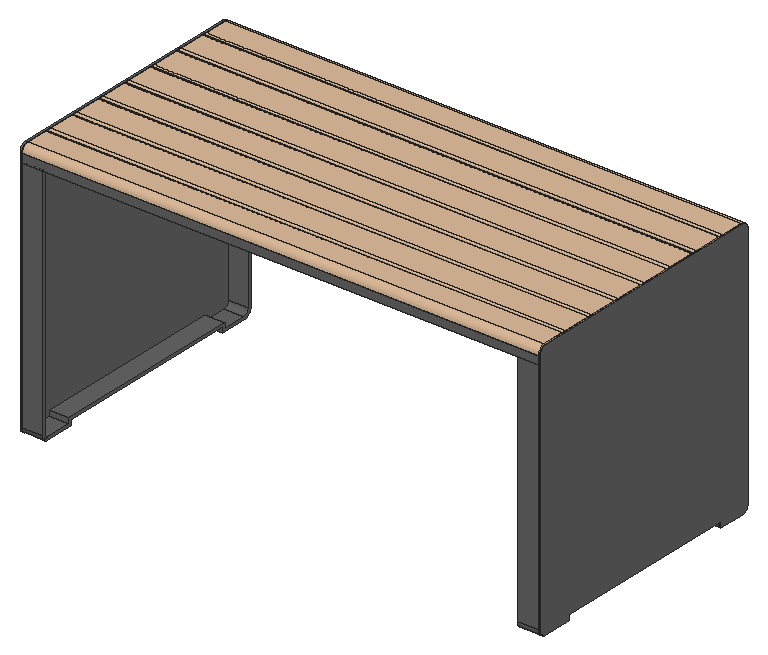
Revit family "1112-S-L", category Meble, Revit 2021
Family settings
  Numer OmniClass = 23.40.20.00
  Tytuł OmniClass = General Furniture and Specialties
  Oparty na płaszczyźnie roboczej = Nie
  Zawsze pionowo = Tak
  Tnij formami wycięć po wczytaniu = Nie
  Współdzielony = Nie
  Punkt obliczania pomieszczeń = Nie
Parameters (values of type "1112-S-L")
  wood = Mobilis Design Wood - Larch
  metal = Mobilis Design RAL 9004
  Width = "75 cm"
  Weight = "75 kg"
  URL = ""
  Product line = "Centaurus"
  Product Groups = ""
  Manufacturer = ""
  Keynote = ""
  Description = ""
  Model = "1112-S-L"
  Material = ""
  Maintenance = ""
  Lenght = "150 cm"
  Type Comments = ""
  Mobilis Design Materials = ""
  Hosted on = ""
  Height = "75 cm"
  Domyślna rzędna = 0 mm
  Copyright = "All designs and drawings are the common intellectual property of Lars Laj A/S and Tress and are protected by Danish and international copyright laws."
Reference planes
  plane 1 "front": y = 0
  plane 2: z = 0
  plane 3 "Środek (Lewa/Prawa)": x = 0
  plane 4 "left": x = -745.625
  plane 5 "right": x = 745.938
  plane 6: x = -685.625
  plane 7: x = 685.937
Forms (mm)
  Extrusion 1, solid, material "Mobilis Design Wood - Larch" <- "wood"
    sketch origin (0, -426.765, 319.828) x (0, 1, 0) y (0, 0, 1)
      loop
        arc (244.222, 429.703) -> (240.686, 428.239) -> (239.222, 424.703) r 5
        line (239.222, 424.703) -> (239.222, 388.972)
        arc (239.222, 388.972) -> (239.796, 387.586) -> (241.182, 387.012) r 1.96
        line (241.182, 387.012) -> (327.222, 387.012)
        arc (327.222, 387.012) -> (328.636, 387.598) -> (329.222, 389.012) r 2
        line (329.222, 389.012) -> (329.222, 424.703)
        arc (329.222, 424.703) -> (327.757, 428.239) -> (324.222, 429.703) r 5
        line (324.222, 429.703) -> (244.222, 429.703)
    from -745.625 to 745.937
  Extrusion 2, solid, material "Mobilis Design Wood - Larch" <- "wood"
    sketch origin (0, -529.215, 319.828) x (0, 1, 0) y (0, 0, 1)
      loop
        arc (252.671, 429.703) -> (249.136, 428.239) -> (247.671, 424.703) r 5
        line (247.671, 424.703) -> (247.671, 388.972)
        arc (247.671, 388.972) -> (248.245, 387.586) -> (249.631, 387.012) r 1.96
        line (249.631, 387.012) -> (335.671, 387.012)
        arc (335.671, 387.012) -> (337.085, 387.598) -> (337.671, 389.012) r 2
        line (337.671, 389.012) -> (337.671, 424.703)
        arc (337.671, 424.703) -> (336.207, 428.239) -> (332.671, 429.703) r 5
        line (332.671, 429.703) -> (252.671, 429.703)
    from -745.625 to 745.937
  Extrusion 3, solid, material "Mobilis Design Wood - Larch" <- "wood"
    sketch origin (0, -631.402, 319.828) x (0, 1, 0) y (0, 0, 1)
      loop
        arc (275.801, 429.704) -> (261.616, 423.828) -> (255.74, 409.642) r 20.061
        line (255.74, 409.642) -> (258.916, 409.642) -> (258.916, 387.013) -> (344.172, 387.013)
        arc (344.172, 387.013) -> (345.585, 387.598) -> (346.171, 389.012) r 1.999
        line (346.171, 389.012) -> (346.171, 424.706)
        arc (346.171, 424.706) -> (344.707, 428.24) -> (341.173, 429.704) r 4.998
        line (341.173, 429.704) -> (275.801, 429.704)
    from -745.625 to 745.937
  Extrusion 4, solid, material "Mobilis Design RAL 9004" <- "metal", not visible
    sketch origin (0, 0, 0) x (0, 1, 0) y (0, 0, 1)
      loop
        arc (71.187, 451.5) -> (57.045, 445.642) -> (51.187, 431.5) r 20
        line (51.187, 431.5) -> (51.187, 18.231)
        arc (51.187, 18.231) -> (56.527, 5.34) -> (69.418, 0) r 18.231
        line (69.418, 0) -> (153.638, 0) -> (153.638, 15) -> (448.638, 15) -> (448.638, 0) -> (527.023, 0)
        arc (527.023, 0) -> (542.307, 6.331) -> (548.638, 21.615) r 21.615
        line (548.638, 21.615) -> (548.638, 429.407)
        arc (548.638, 429.407) -> (542.168, 445.029) -> (526.545, 451.5) r 22.093
        line (526.545, 451.5) -> (71.187, 451.5)
    from 750.378 to 745
  Extrusion 5, solid, material "Mobilis Design RAL 9004" <- "metal", not visible
    sketch origin (0, 0, 0) x (0, 1, 0) y (0, 0, 1)
      loop
        line (548.638, 396.844) -> (629.375, 854.725) -> (601.836, 859.581)
        arc (601.836, 859.581) -> (585.224, 855.898) -> (576.082, 841.547) r 22.232
        line (576.082, 841.547) -> (507.306, 451.5) -> (526.545, 451.5)
        arc (526.545, 451.5) -> (542.168, 445.029) -> (548.638, 429.407) r 22.093
        line (548.638, 429.407) -> (548.638, 396.844)
    from 745 to 750.378
  Extrusion 6, solid, material "Mobilis Design RAL 9004" <- "metal"
    sketch origin (0, -426.65, 0) x (0, -1, 0) y (0, 0, 1)
      loop
        line (-71.187, 749.531) -> (-779.045, 749.531)
        arc (-779.045, 749.531) -> (-794.668, 743.06) -> (-801.138, 727.438) r 22.093
        line (-801.138, 727.438) -> (-801.138, 21.615)
        arc (-801.138, 21.615) -> (-794.807, 6.331) -> (-779.523, 0) r 21.615
        line (-779.523, 0) -> (-701.138, 0) -> (-701.138, 15) -> (-153.638, 15) -> (-153.638, 0) -> (-69.418, 0)
        arc (-69.418, 0) -> (-56.527, 5.34) -> (-51.187, 18.231) r 18.231
        line (-51.187, 18.231) -> (-51.187, 729.531)
        arc (-51.187, 729.531) -> (-57.045, 743.673) -> (-71.187, 749.531) r 20
    from 750.725 to 745.625
  Extrusion 7, solid, material "Mobilis Design RAL 9004" <- "metal"
    sketch origin (0, -426.65, 0) x (0, 1, 0) y (0, 0, 1)
      loop
        line (801.138, 23.296) -> (801.138, 707) -> (51.187, 707) -> (51.187, 18.763)
        arc (51.187, 18.763) -> (56.683, 5.495) -> (69.95, 0) r 18.763
        line (69.95, 0) -> (153.638, 0) -> (153.638, 15) -> (701.138, 15) -> (701.138, 0) -> (777.842, 0)
        arc (777.842, 0) -> (794.315, 6.823) -> (801.138, 23.296) r 23.296
      loop
        line (58.687, 701) -> (58.687, 18.763)
        arc (58.687, 18.763) -> (61.986, 10.799) -> (69.95, 7.5) r 11.263
        line (69.95, 7.5) -> (146.138, 7.5) -> (146.138, 22.5) -> (708.638, 22.5) -> (708.638, 7.5) -> (777.842, 7.5)
        arc (777.842, 7.5) -> (789.012, 12.127) -> (793.638, 23.296) r 15.796
        line (793.638, 23.296) -> (793.638, 701) -> (58.687, 701)
    from -745.625 to -685.625
  Extrusion 8, solid, material "Mobilis Design RAL 9004" <- "metal"
    sketch origin (0, -426.735, 298.368) x (0, 1, 0) y (0, 0, 1)
      loop
        line (53.936, 431.102) -> (51.187, 431.102) -> (51.187, 406.163) -> (74.817, 406.163) -> (74.817, 408.472) -> (53.936, 408.472) -> (53.936, 431.102)
    from -745.625 to 745.937
  Extrusion 9, solid, material "Mobilis Design Wood - Larch" <- "wood"
    sketch origin (0, 631.019, 319.828) x (0, -1, 0) y (0, 0, -1)
      loop
        line (275.801, -429.704) -> (342.815, -429.704)
        arc (342.815, -429.704) -> (346.349, -428.24) -> (347.813, -424.706) r 4.998
        line (347.813, -424.706) -> (347.813, -389.012)
        arc (347.813, -389.012) -> (347.227, -387.598) -> (345.813, -387.013) r 1.999
        line (345.813, -387.013) -> (258.705, -387.013) -> (258.705, -409.642) -> (255.74, -409.642)
        arc (255.74, -409.642) -> (261.616, -423.828) -> (275.801, -429.704) r 20.061
    from -745.625 to 745.938
  Extrusion 10, solid, material "Mobilis Design Wood - Larch" <- "wood"
    sketch origin (0, -238.015, 319.828) x (0, 1, 0) y (0, 0, 1)
      loop
        arc (244.222, 429.703) -> (240.686, 428.239) -> (239.222, 424.703) r 5
        line (239.222, 424.703) -> (239.222, 388.972)
        arc (239.222, 388.972) -> (239.796, 387.586) -> (241.182, 387.012) r 1.96
        line (241.182, 387.012) -> (327.222, 387.012)
        arc (327.222, 387.012) -> (328.636, 387.598) -> (329.222, 389.012) r 2
        line (329.222, 389.012) -> (329.222, 424.703)
        arc (329.222, 424.703) -> (327.757, 428.239) -> (324.222, 429.703) r 5
        line (324.222, 429.703) -> (244.222, 429.703)
    from -745.625 to 745.937
  Extrusion 11, solid, material "Mobilis Design Wood - Larch" <- "wood"
    sketch origin (0, -340.465, 319.828) x (0, 1, 0) y (0, 0, 1)
      loop
        arc (252.671, 429.703) -> (249.136, 428.239) -> (247.671, 424.703) r 5
        line (247.671, 424.703) -> (247.671, 388.972)
        arc (247.671, 388.972) -> (248.245, 387.586) -> (249.631, 387.012) r 1.96
        line (249.631, 387.012) -> (335.671, 387.012)
        arc (335.671, 387.012) -> (337.085, 387.598) -> (337.671, 389.012) r 2
        line (337.671, 389.012) -> (337.671, 424.703)
        arc (337.671, 424.703) -> (336.207, 428.239) -> (332.671, 429.703) r 5
        line (332.671, 429.703) -> (252.671, 429.703)
    from -745.625 to 745.937
  Extrusion 12, solid, material "Mobilis Design Wood - Larch" <- "wood"
    sketch origin (0, -50.015, 319.828) x (0, 1, 0) y (0, 0, 1)
      loop
        arc (244.222, 429.703) -> (240.686, 428.239) -> (239.222, 424.703) r 5
        line (239.222, 424.703) -> (239.222, 388.972)
        arc (239.222, 388.972) -> (239.796, 387.586) -> (241.182, 387.012) r 1.96
        line (241.182, 387.012) -> (327.222, 387.012)
        arc (327.222, 387.012) -> (328.636, 387.598) -> (329.222, 389.012) r 2
        line (329.222, 389.012) -> (329.222, 424.703)
        arc (329.222, 424.703) -> (327.757, 428.239) -> (324.222, 429.703) r 5
        line (324.222, 429.703) -> (244.222, 429.703)
    from -745.625 to 745.937
  Extrusion 13, solid, material "Mobilis Design Wood - Larch" <- "wood"
    sketch origin (0, -153.09, 319.828) x (0, 1, 0) y (0, 0, 1)
      loop
        arc (252.671, 429.703) -> (249.136, 428.239) -> (247.671, 424.703) r 5
        line (247.671, 424.703) -> (247.671, 388.972)
        arc (247.671, 388.972) -> (248.245, 387.586) -> (249.631, 387.012) r 1.96
        line (249.631, 387.012) -> (335.671, 387.012)
        arc (335.671, 387.012) -> (337.085, 387.598) -> (337.671, 389.012) r 2
        line (337.671, 389.012) -> (337.671, 424.703)
        arc (337.671, 424.703) -> (336.207, 428.239) -> (332.671, 429.703) r 5
        line (332.671, 429.703) -> (252.671, 429.703)
    from -745.625 to 745.937
  Extrusion 14, solid, material "Mobilis Design Wood - Larch" <- "wood", not visible
    sketch origin (0, -896.088, 385.255) x (0, 1, 0) y (0, 0, 1)
      loop
        arc (244.222, 429.703) -> (240.686, 428.239) -> (239.222, 424.703) r 5
        line (239.222, 424.703) -> (239.222, 388.972)
        arc (239.222, 388.972) -> (239.796, 387.586) -> (241.182, 387.012) r 1.96
        line (241.182, 387.012) -> (327.222, 387.012)
        arc (327.222, 387.012) -> (328.636, 387.598) -> (329.222, 389.012) r 2
        line (329.222, 389.012) -> (329.222, 424.703)
        arc (329.222, 424.703) -> (327.757, 428.239) -> (324.222, 429.703) r 5
        line (324.222, 429.703) -> (244.222, 429.703)
    from -745.625 to 745.937
  Extrusion 15, solid, material "Mobilis Design Wood - Larch" <- "wood", not visible
    sketch origin (0, -998.538, 385.255) x (0, 1, 0) y (0, 0, 1)
      loop
        arc (252.671, 429.703) -> (249.136, 428.239) -> (247.671, 424.703) r 5
        line (247.671, 424.703) -> (247.671, 388.972)
        arc (247.671, 388.972) -> (248.245, 387.586) -> (249.631, 387.012) r 1.96
        line (249.631, 387.012) -> (335.671, 387.012)
        arc (335.671, 387.012) -> (337.085, 387.598) -> (337.671, 389.012) r 2
        line (337.671, 389.012) -> (337.671, 424.703)
        arc (337.671, 424.703) -> (336.207, 428.239) -> (332.671, 429.703) r 5
        line (332.671, 429.703) -> (252.671, 429.703)
    from -745.625 to 745.937
  Extrusion 16, solid, material "Mobilis Design Wood - Larch" <- "wood", not visible
    sketch origin (0, -1101.038, 385.255) x (0, 1, 0) y (0, 0, 1)
      loop
        arc (275.801, 429.704) -> (261.616, 423.828) -> (255.74, 409.642) r 20.061
        line (255.74, 409.642) -> (258.916, 409.642) -> (258.916, 387.013) -> (344.172, 387.013)
        arc (344.172, 387.013) -> (345.585, 387.598) -> (346.171, 389.012) r 1.999
        line (346.171, 389.012) -> (346.171, 424.706)
        arc (346.171, 424.706) -> (344.707, 428.24) -> (341.173, 429.704) r 4.998
        line (341.173, 429.704) -> (275.801, 429.704)
    from -745.625 to 745.937
  Extrusion 17, solid, material "Mobilis Design RAL 9004" <- "metal", not visible
    sketch origin (0, -896.058, 363.795) x (0, 1, 0) y (0, 0, 1)
      loop
        line (53.936, 431.102) -> (51.187, 431.102) -> (51.187, 407.787) -> (53.936, 407.787) -> (53.936, 431.102)
    from -745.625 to 745.937
  Extrusion 18, solid, material "Mobilis Design Wood - Larch" <- "wood", not visible
    sketch origin (0, 162.946, 385.255) x (0, -1, 0) y (0, 0, -1)
      loop
        line (275.801, -429.704) -> (342.815, -429.704)
        arc (342.815, -429.704) -> (346.349, -428.24) -> (347.813, -424.706) r 4.998
        line (347.813, -424.706) -> (347.813, -389.012)
        arc (347.813, -389.012) -> (347.227, -387.598) -> (345.813, -387.013) r 1.999
        line (345.813, -387.013) -> (258.705, -387.013) -> (258.705, -409.642) -> (255.74, -409.642)
        arc (255.74, -409.642) -> (261.616, -423.828) -> (275.801, -429.704) r 20.061
    from -745.625 to 745.938
  Extrusion 19, solid, material "Mobilis Design RAL 9004" <- "metal", not visible
    sketch origin (0, -41.823, 363.795) x (0, -1, 0) y (0, 0, -1)
      loop
        line (53.936, -431.102) -> (53.936, -407.787) -> (51.187, -407.787) -> (51.187, -431.102) -> (53.936, -431.102)
    from -745.625 to 745.938
  Extrusion 20, solid, material "Mobilis Design Wood - Larch" <- "wood", not visible
    sketch origin (0, -707.338, 385.255) x (0, 1, 0) y (0, 0, 1)
      loop
        arc (244.222, 429.703) -> (240.686, 428.239) -> (239.222, 424.703) r 5
        line (239.222, 424.703) -> (239.222, 388.972)
        arc (239.222, 388.972) -> (239.796, 387.586) -> (241.182, 387.012) r 1.96
        line (241.182, 387.012) -> (327.222, 387.012)
        arc (327.222, 387.012) -> (328.636, 387.598) -> (329.222, 389.012) r 2
        line (329.222, 389.012) -> (329.222, 424.703)
        arc (329.222, 424.703) -> (327.757, 428.239) -> (324.222, 429.703) r 5
        line (324.222, 429.703) -> (244.222, 429.703)
    from -745.625 to 745.937
  Extrusion 21, solid, material "Mobilis Design Wood - Larch" <- "wood", not visible
    sketch origin (0, -809.788, 385.255) x (0, 1, 0) y (0, 0, 1)
      loop
        arc (252.671, 429.703) -> (249.136, 428.239) -> (247.671, 424.703) r 5
        line (247.671, 424.703) -> (247.671, 388.972)
        arc (247.671, 388.972) -> (248.245, 387.586) -> (249.631, 387.012) r 1.96
        line (249.631, 387.012) -> (335.671, 387.012)
        arc (335.671, 387.012) -> (337.085, 387.598) -> (337.671, 389.012) r 2
        line (337.671, 389.012) -> (337.671, 424.703)
        arc (337.671, 424.703) -> (336.207, 428.239) -> (332.671, 429.703) r 5
        line (332.671, 429.703) -> (252.671, 429.703)
    from -745.625 to 745.937
  Extrusion 22, solid, material "Mobilis Design Wood - Larch" <- "wood", not visible
    sketch origin (0, -519.338, 385.255) x (0, 1, 0) y (0, 0, 1)
      loop
        arc (244.222, 429.703) -> (240.686, 428.239) -> (239.222, 424.703) r 5
        line (239.222, 424.703) -> (239.222, 388.972)
        arc (239.222, 388.972) -> (239.796, 387.586) -> (241.182, 387.012) r 1.96
        line (241.182, 387.012) -> (327.222, 387.012)
        arc (327.222, 387.012) -> (328.636, 387.598) -> (329.222, 389.012) r 2
        line (329.222, 389.012) -> (329.222, 424.703)
        arc (329.222, 424.703) -> (327.757, 428.239) -> (324.222, 429.703) r 5
        line (324.222, 429.703) -> (244.222, 429.703)
    from -745.625 to 745.937
  Extrusion 23, solid, material "Mobilis Design Wood - Larch" <- "wood", not visible
    sketch origin (0, -621.788, 385.255) x (0, 1, 0) y (0, 0, 1)
      loop
        arc (252.671, 429.703) -> (249.136, 428.239) -> (247.671, 424.703) r 5
        line (247.671, 424.703) -> (247.671, 388.972)
        arc (247.671, 388.972) -> (248.245, 387.586) -> (249.631, 387.012) r 1.96
        line (249.631, 387.012) -> (335.671, 387.012)
        arc (335.671, 387.012) -> (337.085, 387.598) -> (337.671, 389.012) r 2
        line (337.671, 389.012) -> (337.671, 424.703)
        arc (337.671, 424.703) -> (336.207, 428.239) -> (332.671, 429.703) r 5
        line (332.671, 429.703) -> (252.671, 429.703)
    from -745.625 to 745.937
  Extrusion 24, solid, material "Mobilis Design RAL 9004" <- "metal"
    sketch origin (0, -426.65, 0) x (0, -1, 0) y (0, 0, -1)
      loop
        arc (-71.187, -749.531) -> (-57.045, -743.673) -> (-51.187, -729.531) r 20
        line (-51.187, -729.531) -> (-51.187, -18.231)
        arc (-51.187, -18.231) -> (-56.527, -5.34) -> (-69.418, 0) r 18.231
        line (-69.418, 0) -> (-153.638, 0) -> (-153.638, -15) -> (-701.138, -15) -> (-701.138, 0) -> (-779.523, 0)
        arc (-779.523, 0) -> (-794.807, -6.331) -> (-801.138, -21.615) r 21.615
        line (-801.138, -21.615) -> (-801.138, -727.438)
        arc (-801.138, -727.438) -> (-794.668, -743.06) -> (-779.045, -749.531) r 22.093
        line (-779.045, -749.531) -> (-71.187, -749.531)
    from 750.725 to 745.625
  Extrusion 25, solid, material "Mobilis Design RAL 9004" <- "metal"
    sketch origin (0, -426.65, 0) x (0, 1, 0) y (0, 0, -1)
      loop
        arc (801.138, -23.296) -> (794.315, -6.823) -> (777.842, 0) r 23.296
        line (777.842, 0) -> (701.138, 0) -> (701.138, -15) -> (153.638, -15) -> (153.638, 0) -> (69.95, 0)
        arc (69.95, 0) -> (56.683, -5.495) -> (51.187, -18.763) r 18.763
        line (51.187, -18.763) -> (51.187, -707) -> (801.138, -707) -> (801.138, -23.296)
      loop
        line (58.687, -701) -> (793.638, -701) -> (793.638, -23.296)
        arc (793.638, -23.296) -> (789.012, -12.127) -> (777.842, -7.5) r 15.796
        line (777.842, -7.5) -> (708.638, -7.5) -> (708.638, -22.5) -> (146.138, -22.5) -> (146.138, -7.5) -> (69.95, -7.5)
        arc (69.95, -7.5) -> (61.986, -10.799) -> (58.687, -18.763) r 11.263
        line (58.687, -18.763) -> (58.687, -701)
    from -745.625 to -685.625
  Extrusion 26, solid, material "Mobilis Design RAL 9004" <- "metal"
    sketch origin (0, -375.4, 0) x (1, 0, 0) y (0, 1, 0)
      loop
        line (33.187, 23.482) -> (33.187, 726.792) -> (-26.813, 726.792) -> (-26.813, 23.482) -> (33.187, 23.482)
    from 704.531 to 706.84
  Extrusion 27, solid, material "Mobilis Design RAL 9004" <- "metal"
    sketch origin (0, 426.21, 298.368) x (0, -1, 0) y (0, 0, -1)
      loop
        line (53.936, -431.102) -> (53.936, -408.472) -> (74.817, -408.472) -> (74.817, -406.163) -> (51.187, -406.163) -> (51.187, -431.102) -> (53.936, -431.102)
    from -745.625 to 745.937
Lines and regions (mm)
  model lines, style "9"
    curve 1: line (264.233, -474.889, 0) -> (264.233, -468.889, 0)
    curve 2: line (264.233, -774.889, 0) -> (264.233, -780.889, 0)
    curve 3: line (-304.767, -474.889, 0) -> (-304.767, -468.889, 0)
    curve 4: line (-304.767, -774.889, 0) -> (-304.767, -780.889, 0)
    curve 5: line (-281.767, -474.889, 0) -> (-281.767, -468.889, 0)
    curve 6: line (-281.767, -774.889, 0) -> (-281.767, -780.889, 0)
    curve 9: line (0, -620.899, 21) -> (0, -614.899, 21)
    curve 10: line (0, -445.5, 21) -> (0, -451.5, 21)
    curve 11: line (0, -570.266, 21.088) -> (0, -564.266, 21.088)
    curve 12: line (0, -744.867, 21.088) -> (0, -750.867, 21.088)
  model lines, style "8"
    curve 7: line (0, -545.899, 1054) -> (0, -533.399, 1054)
    curve 8: line (0, -545.899, 1054) -> (0, -533.399, 1054)
Dimensions and locks
  Extrusion 1 sketch curve to Extrusion 1 sketch curve = 90 mm
  Extrusion 1 sketch curve to Extrusion 1 sketch curve = 42.691 mm
  Extrusion 2 sketch curve to Extrusion 2 sketch curve = 90 mm
  Extrusion 2 sketch curve to Extrusion 2 sketch curve = 42.691 mm
  Extrusion 3 sketch curve to Extrusion 3 sketch curve = 42.691 mm
  Extrusion 9 sketch curve to Extrusion 9 sketch curve = 42.691 mm
  Extrusion 10 sketch curve to Extrusion 10 sketch curve = 90 mm
  Extrusion 10 sketch curve to Extrusion 10 sketch curve = 42.691 mm
  Extrusion 11 sketch curve to Extrusion 11 sketch curve = 90 mm
  Extrusion 11 sketch curve to Extrusion 11 sketch curve = 42.691 mm
  Extrusion 12 sketch curve to Extrusion 12 sketch curve = 90 mm
  Extrusion 12 sketch curve to Extrusion 12 sketch curve = 42.691 mm
  Extrusion 13 sketch curve to Extrusion 13 sketch curve = 90 mm
  Extrusion 13 sketch curve to Extrusion 13 sketch curve = 42.691 mm
  Extrusion 14 sketch curve to Extrusion 14 sketch curve = 90 mm
  Extrusion 14 sketch curve to Extrusion 14 sketch curve = 42.691 mm
  Extrusion 15 sketch curve to Extrusion 15 sketch curve = 90 mm
  Extrusion 15 sketch curve to Extrusion 15 sketch curve = 42.691 mm
  Extrusion 16 sketch curve to Extrusion 16 sketch curve = 42.691 mm
  Extrusion 18 sketch curve to Extrusion 18 sketch curve = 42.691 mm
  Extrusion 20 sketch curve to Extrusion 20 sketch curve = 90 mm
  Extrusion 20 sketch curve to Extrusion 20 sketch curve = 42.691 mm
  Extrusion 21 sketch curve to Extrusion 21 sketch curve = 90 mm
  Extrusion 21 sketch curve to Extrusion 21 sketch curve = 42.691 mm
  Extrusion 22 sketch curve to Extrusion 22 sketch curve = 90 mm
  Extrusion 22 sketch curve to Extrusion 22 sketch curve = 42.691 mm
  Extrusion 23 sketch curve to Extrusion 23 sketch curve = 90 mm
  Extrusion 23 sketch curve to Extrusion 23 sketch curve = 42.691 mm
  Extrusion 7 sketch curve to Extrusion 6 = 749.951 mm
  Extrusion 25 sketch curve to Extrusion 24 = 749.951 mm
  aligned and locked: level to plane 2
  aligned and locked: plane 5 "right" to Extrusion 1
  aligned and locked: Extrusion 1 to plane 4 "left"
  aligned and locked: plane 5 "right" to Extrusion 2
  aligned and locked: plane 5 "right" to Extrusion 3
  aligned and locked: Extrusion 2 to plane 4 "left"
  aligned and locked: Extrusion 3 to plane 4 "left"
  aligned and locked: plane 4 "left" to Extrusion 6
  aligned and locked: Extrusion 7 to plane 4 "left"
  aligned and locked: plane 6 to Extrusion 7
  aligned and locked: Extrusion 8 to plane 4 "left"
  aligned and locked: plane 5 "right" to Extrusion 8
  aligned and locked: plane 5 "right" to Extrusion 9
